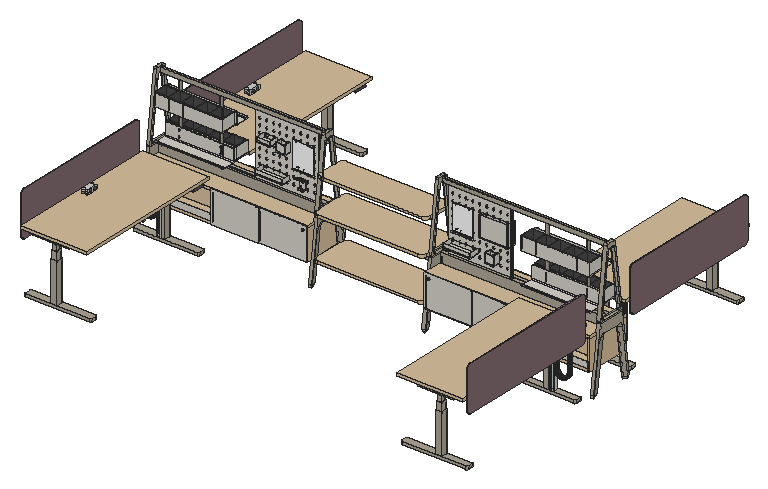
Revit family "Layout-Teknion-Expansion_Cityline_Upper_Structure_01-R2021", category Furniture Systems, Revit 2021 (continued)
Definition of nested family "Support-Teknion-JNXRMH_hiSpace_Quick_Connect_Height_Adjustable_Mechanism_Rectangular-R2021"
  Parameters (values of type "Extended Electric – with Riser, 23" Depth, Standard Width Configuration")
    To render please download texture images found here [instance] = "https://assets.teknion.com/web/5e81352c1dfdb467/revit-material-swatches/"
    Sustainability Data = "https://www.teknion.com/ca/tools/assets#&topic=216f99a5-57a0-44fc-b10a-9dee9b29ae4c&asset=444deb64-fe58-4b68-981e-f75e97781df7,b4ff2d81-9f2e-437d-9659-7cffb09c31cf"
    Standard Width = yes
    Series = "Expansion Cityline"  # constant formula
    Product Page URL = "https://www.teknion.com/ca/products/product-details?productLineId=9ad2a26e-8e7a-673b-a6c8-ff05004460c4"
    Product Line = "Height-Adjustability"  # constant formula
    Product Documentation Link = "https://www.teknion.com/pricing/expansion-cityline/pdfs/JNXRMH_ppg.pdf"
    Powerbar [instance] = yes
    Part Number = "JNXRMH"  # constant formula
    Model = "JNXRMHCC9U23__S"
    Manufacturer Phone = "416-661-3370"  # constant formula
    Manufacturer Fax = "416.661.4586"  # constant formula
    Manufacturer Contact Information = "http://www.teknion.com/ca/contactus"
    Manufacturer Address = "1150 Flint Road, Toronto, ON. M3J 2J5. Canada"  # constant formula
    Manufacturer = "Teknion"  # constant formula
    How To Use Teknion Materials User Guide [instance] = "https://assets.teknion.com/m/205dd0a49fa58060/original/How-to-add-a-Material-Library-and-Texture-Images-to-your-Revit-project.pdf"
    For Additional Finishes please visit [instance] = "https://assets.teknion.com/m/44a8009b046e5d47/original/Teknion_Materials_Library.zip"
    Description = "hiSpace Quick Connect Height-Adjustable Mechanism – Rectangular, Extended Electric – with Rise, 23\" Depth, Standard Width Configuration"
    Depth = 23.000"
    Default Elevation = 0.000"
    Base Mechanism(Height) [instance] = 27.811"
    Base Finish [instance] = none
    Available Width [instance] = "46,49,52,55,58,61,64,67,70 inch"  # constant formula
    Available Base Mechanism(Height) [instance] = "25 -51.1  inches"
    Assembly Code = "E2020200"
  Types (9): name | Width Configuration Length | Width | User Optimized Width | Standard Width | Model | Description | Depth | Available Base Mechanism(Height)
    (no name) | 4.680" | 70.000" | no | yes | "JNXRMHCC9U23__S" | "hiSpace Quick Connect Height-Adjustable Mechanism – Rectangular, Extended Electric – with Rise, 23\" Depth, Standard Width Configuration" | 23.000" | "25 -51.1  inches"
    Extended Electric – Extended, 23" Depth, Standard Width Configuration | 4.680" | 46.000" | no | yes | "JNXRMHCC9E23__S" | "hiSpace Quick Connect Height-Adjustable Mechanism – Rectangular, Extended Electric – Extended, 23\" Depth, Standard Width Configuration" | 23.000" | "22.6 -48.7 inches"
    Extended Electric – Extended, 29" Depth, Standard Width Configuration | 4.680" | 46.000" | no | yes | "JNXRMHCC9E29__S" | "hiSpace Quick Connect Height-Adjustable Mechanism – Rectangular, Extended Electric – Extended, 29\" Depth, Standard Width Configuration" | 29.000" | "22.6 -48.7 inches"
    Extended Electric – with Riser, 23" Depth, Standard Width Configuration | 4.680" | 70.000" | no | yes | "JNXRMHCC9U23__S" | "hiSpace Quick Connect Height-Adjustable Mechanism – Rectangular, Extended Electric – with Rise, 23\" Depth, Standard Width Configuration" | 23.000" | "25 -51.1  inches"
    Extended Electric – with Riser, 29" Depth, Standard Width Configuration | 4.680" | 70.000" | no | yes | "JNXRMHCC9U29__S" | "hiSpace Quick Connect Height-Adjustable Mechanism – Rectangular, Extended Electric – with Rise, 29\" Depth, Standard Width Configuration" | 29.000" | "25 -51.1  inches"
    Extended Electric – Extended, 23" Depth, User Optimized Width Configuration | 1.680" | 70.000" | yes | no | "JNXRMHCC9E23__U" | "hiSpace Quick Connect Height-Adjustable Mechanism – Rectangular, Extended Electric – Extended, 23\" Depth, User Optimized Width Configuration" | 23.000" | "22.6 -48.7 inches"
    Extended Electric – Extended, 29" Depth, User Optimized Width Configuration | 1.680" | 70.000" | yes | no | "JNXRMHCC9E29__U" | "hiSpace Quick Connect Height-Adjustable Mechanism – Rectangular, Extended Electric – Extended, 29\" Depth, User Optimized Width Configuration" | 29.000" | "22.6 -48.7 inches"
    Extended Electric – with Riser, 23" Depth, User Optimized Width Configuration | 1.680" | 70.000" | yes | no | "JNXRMHCC9U23__U" | "hiSpace Quick Connect Height-Adjustable Mechanism – Rectangular, Extended Electric – with Rise, 23\" Depth, User Optimized Width Configuration" | 23.000" | "25 -51.1  inches"
    Extended Electric – with Riser, 29" Depth, User Optimized Width Configuration | 1.680" | 70.000" | yes | no | "JNXRMHCC9U29__U" | "hiSpace Quick Connect Height-Adjustable Mechanism – Rectangular, Extended Electric – with Rise, 29\" Depth, User Optimized Width Configuration" | 29.000" | "25 -51.1  inches"
  Reference planes (in)
    plane 1 "Center Front/Back": y = -0.15748
    plane 2: z = 0
    plane 3 "Center Left/Right": x = 0
    plane 4 "Left": x = -30.32
    plane 5 "Right": x = 30.32
    plane 6 "Back": y = 11.5
    plane 7 "Front": y = -11.81496
    plane 8 "Top": z = 27.811
    plane 9: y = 10.28474
    plane 10: y = -10.28354
    plane 11: x = 35
    plane 12: x = -35
    plane 13: y = -11.5
    plane 14: z = 25.96061
    plane 15: z = 22.37007
    plane 16: z = 18.77953
  Forms (in)
    Sweep 1, solid, material <- "Base Finish"
      path origin (-5.98557, 4.01679, 0.13456) x (1, 0, 0) y (0, 0, 1)
        loop
          line (-22.03054, 1.33001) -> (-22.03054, 0.14103)
      profile origin (-28.0161, 4.01679, 0.87008) x (0, -1, 0) y (1, 0, 0)
        loop
          arc (-7.48321, -0.98425) -> (-7.2964, -1.43524) -> (-6.84541, -1.62205) r 0.6378
          line (-6.84541, -1.62205) -> (14.879, -1.62205)
          arc (14.879, -1.62205) -> (15.32999, -1.43524) -> (15.51679, -0.98425) r 0.6378
          line (15.51679, -0.98425) -> (15.51679, 0.98425)
          arc (15.51679, 0.98425) -> (15.32999, 1.43524) -> (14.879, 1.62205) r 0.6378
          line (14.879, 1.62205) -> (-6.84541, 1.62205)
          arc (-6.84541, 1.62205) -> (-7.2964, 1.43524) -> (-7.48321, 0.98425) r 0.6378
          line (-7.48321, 0.98425) -> (-7.48321, -0.98425)
    Sweep 2, solid, material <- "Base Finish"
      path origin (-6.00525, 1.86031, 0) x (1, 0, 0) y (0, 0, 1)
        loop
          line (-22.03054, 18.77953) -> (-22.03054, 1.46457)
      profile origin (-28.03579, 1.86031, 10.12205) x (0, -1, 0) y (1, 0, 0)
        loop
          arc (1.35827, 1.22047) -> (1.31791, 1.31791) -> (1.22047, 1.35827) r 0.1378
          line (1.22047, 1.35827) -> (-1.22047, 1.35827)
          arc (-1.22047, 1.35827) -> (-1.31791, 1.31791) -> (-1.35827, 1.22047) r 0.1378
          line (-1.35827, 1.22047) -> (-1.35827, -1.22047)
          arc (-1.35827, -1.22047) -> (-1.31791, -1.31791) -> (-1.22047, -1.35827) r 0.1378
          line (-1.22047, -1.35827) -> (1.22047, -1.35827)
          arc (1.22047, -1.35827) -> (1.31791, -1.31791) -> (1.35827, -1.22047) r 0.1378
          line (1.35827, -1.22047) -> (1.35827, 1.22047)
    Sweep 3, solid, material <- "Base Finish"
      path origin (-5.98557, 1.88, 0) x (1, 0, 0) y (0, 0, 1)
        loop
          line (-22.08443, 22.37007) -> (-22.08443, 18.77953)
      profile origin (-28.07, 1.88, 20.5748) x (0, -1, 0) y (1, 0, 0)
        loop
          arc (1.0748, -1.11933) -> (1.1444, -1.0905) -> (1.17323, -1.02091) r 0.09843
          line (1.17323, -1.02091) -> (1.17323, 1.1287)
          arc (1.17323, 1.1287) -> (1.1444, 1.1983) -> (1.0748, 1.22713) r 0.09843
          line (1.0748, 1.22713) -> (-1.07087, 1.22713)
          arc (-1.07087, 1.22713) -> (-1.143, 1.1997) -> (-1.17323, 1.1287) r 0.0985
          line (-1.17323, 1.1287) -> (-1.17323, -1.02091)
          arc (-1.17323, -1.02091) -> (-1.1444, -1.0905) -> (-1.0748, -1.11933) r 0.09843
          line (-1.0748, -1.11933) -> (1.0748, -1.11933)
    Sweep 4, solid, material <- "Base Finish"
      path origin (-5.98557, 1.88, 0) x (1, 0, 0) y (0, 0, 1)
        loop
          line (-22.03054, 25.96061) -> (-22.03054, 22.37007)
      profile origin (-28.0161, 1.88, 24.16534) x (0, -1, 0) y (1, 0, 0)
        loop
          arc (0.98425, 0.88583) -> (0.95542, 0.95542) -> (0.88583, 0.98425) r 0.09843
          line (0.88583, 0.98425) -> (-0.88583, 0.98425)
          arc (-0.88583, 0.98425) -> (-0.95542, 0.95542) -> (-0.98425, 0.88583) r 0.09843
          line (-0.98425, 0.88583) -> (-0.98425, -0.88583)
          arc (-0.98425, -0.88583) -> (-0.95542, -0.95542) -> (-0.88583, -0.98425) r 0.09843
          line (-0.88583, -0.98425) -> (0.88583, -0.98425)
          arc (0.88583, -0.98425) -> (0.95542, -0.95542) -> (0.98425, -0.88583) r 0.09843
          line (0.98425, -0.88583) -> (0.98425, 0.88583)
    Sweep 5, solid, material <- "Base Finish"
      path origin (0, 0, 0) x (1, 0, 0) y (0, 1, 0)
        loop
          line (-30.32, 3.77961) -> (-30.32, -0.01961)
      profile origin (-30.32, 1.88, 0) x (1, 0, 0) y (0, 0, 1)
        loop
          line (0, 27.811) -> (0, 26.11809)
          arc (0, 26.11809) -> (0.04612, 26.00673) -> (0.15748, 25.96061) r 0.15748
          line (0.15748, 25.96061) -> (7.55161, 25.96061)
          arc (7.55161, 25.96061) -> (7.64747, 25.99315) -> (7.70372, 26.07733) r 0.15748
          line (7.70372, 26.07733) -> (8.11024, 27.59446) -> (8.66142, 27.59446) -> (8.66142, 27.811) -> (0, 27.811)
    Revolve 6, solid
      sketch origin (-26.00182, -10.28354, 48) x (-1, 0, 0) y (0, 0, 1)
        loop
          line (2.01429, -47.72441) -> (1.85728, -47.72441) -> (1.85728, -47.7685) -> (1.03003, -47.7685) -> (1.03003, -48) -> (2.01429, -48) -> (2.01429, -47.72441)
        axis (2.01429, -47.72441) -> (2.01429, -48)
      angle from 0 to 360
    Revolve 7, solid
      sketch origin (24.02922, -10.28354, 48) x (-1, 0, 0) y (0, 0, 1)
        loop
          line (-3.98642, -47.72441) -> (-4.14342, -47.72441) -> (-4.14342, -47.7685) -> (-4.97067, -47.7685) -> (-4.97067, -48) -> (-3.98642, -48) -> (-3.98642, -47.72441)
        axis (-3.98642, -47.72441) -> (-3.98642, -48)
      angle from 0 to 360
    Revolve 8, solid
      sketch origin (-26.00182, 10.28474, 48) x (-1, 0, 0) y (0, 0, 1)
        loop
          line (2.01429, -47.72441) -> (1.85728, -47.72441) -> (1.85728, -47.7685) -> (1.03003, -47.7685) -> (1.03003, -48) -> (2.01429, -48) -> (2.01429, -47.72441)
        axis (2.01429, -47.72441) -> (2.01429, -48)
      angle from 0 to 360
    Revolve 9, solid
      sketch origin (24.02943, 10.28474, 48) x (-1, 0, 0) y (0, 0, 1)
        loop
          line (-3.98642, -47.72441) -> (-4.14342, -47.72441) -> (-4.14342, -47.7685) -> (-4.97067, -47.7685) -> (-4.97067, -48) -> (-3.98642, -48) -> (-3.98642, -47.72441)
        axis (-3.98642, -47.72441) -> (-3.98642, -48)
      angle from 0 to 360
    Sweep 10, solid, material <- "Base Finish"
      path origin (-26.00182, 10.28474, 48) x (-1, 0, 0) y (0, 0, 1)
        loop
          line (-26.00182, -20.189) -> (-26.00182, -21.9016)
      profile origin (0, 10.28474, 26.9547) x (0, 1, 0) y (-1, 0, 0)
        loop
          line (-6.48545, 4.6752) -> (-10.32403, 4.6752) -> (-10.32403, -4.6752) -> (-6.48545, -4.6752) -> (-6.48545, 4.6752)
    Sweep 11, solid
      path origin (-26.00182, 10.28474, 48) x (-1, 0, 0) y (0, 0, 1)
        loop
          line (-49.52973, -20.189) -> (-49.52973, -20.26774)
      profile origin (23.52791, 10.28474, 27.77163) x (0, 1, 0) y (-1, 0, 0)
        loop
          line (-19.57804, -4.0315) -> (-19.57804, -0.31496)
          arc (-19.57804, -0.31496) -> (-19.67029, -0.09225) -> (-19.89301, 0) r 0.31496
          line (-19.89301, 0) -> (-20.90088, 0)
          arc (-20.90088, 0) -> (-21.12359, -0.09225) -> (-21.21584, -0.31496) r 0.31496
          line (-21.21584, -0.31496) -> (-21.21584, -4.0315)
          arc (-21.21584, -4.0315) -> (-21.12359, -4.25421) -> (-20.90088, -4.34646) r 0.31496
          line (-20.90088, -4.34646) -> (-19.89301, -4.34646)
          arc (-19.89301, -4.34646) -> (-19.67029, -4.25421) -> (-19.57804, -4.0315) r 0.31496
    Sweep 12, solid
      path origin (-26.00182, 10.28474, 48) x (-1, 0, 0) y (0, 0, 1)
        loop
          line (-51.70296, -20.26774) -> (-51.70296, -20.42522)
      profile origin (25.70114, 10.28474, 27.65352) x (0, 1, 0) y (-1, 0, 0)
        loop
          line (-19.61643, 1.86614) -> (-21.60954, 1.86614) -> (-21.60954, -1.86614) -> (-19.61643, -1.86614) -> (-19.61643, 1.86614)
    Sweep 13, solid
      path origin (0, 0, 0) x (0, 1, 0) y (0, 0, 1)
        loop
          line (-11.24602, 26.78211) -> (-11.71654, 27.05376)
      profile origin (0, -11.48128, 26.91793) x (0, -0.5, -0.866025) y (1, 0, 0)
        loop
          line (-0.78346, 28.06728) -> (-0.78346, 23.335)
          arc (-0.78346, 23.335) -> (-0.72581, 23.19581) -> (-0.58661, 23.13815) r 0.19685
          line (-0.58661, 23.13815) -> (0, 23.13815)
          arc (0, 23.13815) -> (0.13919, 23.19581) -> (0.19685, 23.335) r 0.19685
          line (0.19685, 23.335) -> (0.19685, 28.06728)
          arc (0.19685, 28.06728) -> (0.13919, 28.20648) -> (0, 28.26413) r 0.19685
          line (0, 28.26413) -> (-0.58661, 28.26413)
          arc (-0.58661, 28.26413) -> (-0.72581, 28.20648) -> (-0.78346, 28.06728) r 0.19685
    Sweep 14, solid, material <- "Base Finish"
      path origin (0, 0, 0) x (-1, 0, 0) y (0, 1, 0)
        loop
          line (-30.32, 3.77961) -> (-30.32, -0.01961)
      profile origin (30.32, 1.88, 0) x (1, 0, 0) y (0, 0, 1)
        loop
          line (0, 27.811) -> (-8.66142, 27.811) -> (-8.66142, 27.59446) -> (-8.11024, 27.59446) -> (-7.70372, 26.07733)
          arc (-7.70372, 26.07733) -> (-7.64747, 25.99315) -> (-7.55161, 25.96061) r 0.15748
          line (-7.55161, 25.96061) -> (-0.15748, 25.96061)
          arc (-0.15748, 25.96061) -> (-0.04612, 26.00673) -> (0, 26.11809) r 0.15748
          line (0, 26.11809) -> (0, 27.811)
    Sweep 15, solid, material <- "Base Finish"
      path origin (44.04547, 4.01679, 0.13456) x (1, 0, 0) y (0, 0, 1)
        loop
          line (-16.02983, 1.33001) -> (-16.02983, 0.14103)
      profile origin (28.01564, 4.01679, 0.87008) x (0, -1, 0) y (1, 0, 0)
        loop
          arc (-7.48321, -0.98425) -> (-7.2964, -1.43524) -> (-6.84541, -1.62205) r 0.6378
          line (-6.84541, -1.62205) -> (14.879, -1.62205)
          arc (14.879, -1.62205) -> (15.32999, -1.43524) -> (15.51679, -0.98425) r 0.6378
          line (15.51679, -0.98425) -> (15.51679, 0.98425)
          arc (15.51679, 0.98425) -> (15.32999, 1.43524) -> (14.879, 1.62205) r 0.6378
          line (14.879, 1.62205) -> (-6.84541, 1.62205)
          arc (-6.84541, 1.62205) -> (-7.2964, 1.43524) -> (-7.48321, 0.98425) r 0.6378
          line (-7.48321, 0.98425) -> (-7.48321, -0.98425)
    Sweep 16, solid, material <- "Base Finish"
      path origin (44.02578, 1.86031, 0) x (1, 0, 0) y (0, 0, 1)
        loop
          line (-16.02983, 18.77953) -> (-16.02983, 1.46457)
      profile origin (27.99596, 1.86031, 10.12205) x (0, -1, 0) y (1, 0, 0)
        loop
          arc (1.35827, 1.22047) -> (1.31791, 1.31791) -> (1.22047, 1.35827) r 0.1378
          line (1.22047, 1.35827) -> (-1.22047, 1.35827)
          arc (-1.22047, 1.35827) -> (-1.31791, 1.31791) -> (-1.35827, 1.22047) r 0.1378
          line (-1.35827, 1.22047) -> (-1.35827, -1.22047)
          arc (-1.35827, -1.22047) -> (-1.31791, -1.31791) -> (-1.22047, -1.35827) r 0.1378
          line (-1.22047, -1.35827) -> (1.22047, -1.35827)
          arc (1.22047, -1.35827) -> (1.31791, -1.31791) -> (1.35827, -1.22047) r 0.1378
          line (1.35827, -1.22047) -> (1.35827, 1.22047)
    Sweep 17, solid, material <- "Base Finish"
      path origin (44.04547, 1.88, 0) x (1, 0, 0) y (0, 0, 1)
        loop
          line (-15.97547, 22.37007) -> (-15.97547, 18.77953)
      profile origin (28.07, 1.88, 20.5748) x (0, -1, 0) y (1, 0, 0)
        loop
          arc (1.0748, -1.22759) -> (1.1444, -1.19876) -> (1.17323, -1.12916) r 0.09843
          line (1.17323, -1.12916) -> (1.17323, 1.02044)
          arc (1.17323, 1.02044) -> (1.1444, 1.09004) -> (1.0748, 1.11887) r 0.09843
          line (1.0748, 1.11887) -> (-1.07087, 1.11887)
          arc (-1.07087, 1.11887) -> (-1.143, 1.09145) -> (-1.17323, 1.02044) r 0.0985
          line (-1.17323, 1.02044) -> (-1.17323, -1.12916)
          arc (-1.17323, -1.12916) -> (-1.1444, -1.19876) -> (-1.0748, -1.22759) r 0.09843
          line (-1.0748, -1.22759) -> (1.0748, -1.22759)
    Sweep 18, solid, material <- "Base Finish"
      path origin (44.04547, 1.88, 0) x (1, 0, 0) y (0, 0, 1)
        loop
          line (-16.02983, 25.96061) -> (-16.02983, 22.37007)
      profile origin (28.01564, 1.88, 24.16534) x (0, -1, 0) y (1, 0, 0)
        loop
          arc (0.98425, 0.88583) -> (0.95542, 0.95542) -> (0.88583, 0.98425) r 0.09843
          line (0.88583, 0.98425) -> (-0.88583, 0.98425)
          arc (-0.88583, 0.98425) -> (-0.95542, 0.95542) -> (-0.98425, 0.88583) r 0.09843
          line (-0.98425, 0.88583) -> (-0.98425, -0.88583)
          arc (-0.98425, -0.88583) -> (-0.95542, -0.95542) -> (-0.88583, -0.98425) r 0.09843
          line (-0.88583, -0.98425) -> (0.88583, -0.98425)
          arc (0.88583, -0.98425) -> (0.95542, -0.95542) -> (0.98425, -0.88583) r 0.09843
          line (0.98425, -0.88583) -> (0.98425, 0.88583)
    Sweep 19, solid, visible <- "Powerbar"
      path origin (0, 0, 0) x (1, 0, 0) y (0, 1, 0)
        loop
          line (-4.87008, 5.9922) -> (4.87008, 5.9922)
      profile origin (0, 5.9922, 0) x (0, 1, 0) y (0, 0, 1)
        loop
          arc (-0.00358, 27.66336) -> (-0.05673, 27.64135) -> (-0.07874, 27.5882) r 0.07516
          line (-0.07874, 27.5882) -> (-0.07874, 26.26198)
          arc (-0.07874, 26.26198) -> (-0.05677, 26.20895) -> (-0.00374, 26.18698) r 0.075
          line (-0.00374, 26.18698) -> (0.98799, 26.18698)
          arc (0.98799, 26.18698) -> (1.04103, 26.20895) -> (1.06299, 26.26198) r 0.075
          line (1.06299, 26.26198) -> (1.06299, 27.58836)
          arc (1.06299, 27.58836) -> (1.04103, 27.6414) -> (0.98799, 27.66336) r 0.075
          line (0.98799, 27.66336) -> (-0.00358, 27.66336)
    Sweep 20, solid, visible <- "Powerbar"
      path origin (0, 0, 0) x (1, 0, 0) y (0, 1, 0)
        loop
          line (-5.98622, 7.11425) -> (5.98622, 7.11425)
      profile origin (0, 7.11425, 0) x (0, 1, 0) y (0, 0, 1)
        loop
          line (-0.05906, 27.75194) -> (-0.05906, 26.18502) -> (0, 26.18502) -> (0, 27.72045)
          arc (0, 27.72045) -> (-0.02652, 27.78448) -> (-0.09055, 27.811) r 0.09055
          line (-0.09055, 27.811) -> (-1.25984, 27.811) -> (-1.25984, 27.75194) -> (-0.05906, 27.75194)
    Sweep 21, solid, visible <- "Powerbar"
      path origin (0, 0, 0) x (1, 0, 0) y (0, 1, 0)
        loop
          line (0, 7.24417) -> (0, 7.11425)
      profile origin (0, 7.17921, 0) x (1, 0, 0) y (0, 0, 1)
        loop
          arc (-1.19215, 27.45017) -> (-1.22011, 27.43859) -> (-1.23169, 27.41063) r 0.03954
          line (-1.23169, 27.41063) -> (-1.23169, 26.44017)
          arc (-1.23169, 26.44017) -> (-1.21998, 26.41189) -> (-1.19169, 26.40017) r 0.04
          line (-1.19169, 26.40017) -> (-0.22169, 26.40017)
          arc (-0.22169, 26.40017) -> (-0.19341, 26.41189) -> (-0.18169, 26.44017) r 0.04
          line (-0.18169, 26.44017) -> (-0.18169, 27.41017)
          arc (-0.18169, 27.41017) -> (-0.19341, 27.43846) -> (-0.22169, 27.45017) r 0.04
          line (-0.22169, 27.45017) -> (-1.19215, 27.45017)
        loop
          arc (0.06815, 27.45017) -> (0.03987, 27.43846) -> (0.02815, 27.41017) r 0.04
          line (0.02815, 27.41017) -> (0.02815, 26.44017)
          arc (0.02815, 26.44017) -> (0.03987, 26.41189) -> (0.06815, 26.40017) r 0.04
          line (0.06815, 26.40017) -> (1.03815, 26.40017)
          arc (1.03815, 26.40017) -> (1.06643, 26.41189) -> (1.07815, 26.44017) r 0.04
          line (1.07815, 26.44017) -> (1.07815, 27.41017)
          arc (1.07815, 27.41017) -> (1.06643, 27.43846) -> (1.03815, 27.45017) r 0.04
          line (1.03815, 27.45017) -> (0.06815, 27.45017)
        loop
          arc (1.28799, 26.44017) -> (1.29971, 26.41189) -> (1.32799, 26.40017) r 0.04
          line (1.32799, 26.40017) -> (2.29799, 26.40017)
          arc (2.29799, 26.40017) -> (2.32628, 26.41189) -> (2.33799, 26.44017) r 0.04
          line (2.33799, 26.44017) -> (2.33799, 27.41017)
          arc (2.33799, 27.41017) -> (2.32628, 27.43846) -> (2.29799, 27.45017) r 0.04
          line (2.29799, 27.45017) -> (1.32799, 27.45017)
          arc (1.32799, 27.45017) -> (1.29971, 27.43846) -> (1.28799, 27.41017) r 0.04
          line (1.28799, 27.41017) -> (1.28799, 26.44017)
        loop
          arc (2.54783, 26.44017) -> (2.55955, 26.41189) -> (2.58783, 26.40017) r 0.04
          line (2.58783, 26.40017) -> (3.55783, 26.40017)
          arc (3.55783, 26.40017) -> (3.58612, 26.41189) -> (3.59783, 26.44017) r 0.04
          line (3.59783, 26.44017) -> (3.59783, 27.41017)
          arc (3.59783, 27.41017) -> (3.58612, 27.43846) -> (3.55783, 27.45017) r 0.04
          line (3.55783, 27.45017) -> (2.58783, 27.45017)
          arc (2.58783, 27.45017) -> (2.55955, 27.43846) -> (2.54783, 27.41017) r 0.04
          line (2.54783, 27.41017) -> (2.54783, 26.44017)
        loop
          line (-1.05846, 27.02872) -> (-1.05846, 26.82163) -> (-0.95492, 26.82163)
          arc (-0.95492, 26.82163) -> (-0.85138, 26.92517) -> (-0.95492, 27.02872) r 0.10354
          line (-0.95492, 27.02872) -> (-1.05846, 27.02872)
        loop
          line (-0.57776, 27.20057) -> (-0.57776, 27.12852) -> (-0.30768, 27.12852) -> (-0.30768, 27.20057) -> (-0.57776, 27.20057)
        loop
          line (-0.61713, 26.72143) -> (-0.61713, 26.64939) -> (-0.26831, 26.64939) -> (-0.26831, 26.72143) -> (-0.61713, 26.72143)
        loop
          line (0.30492, 27.02872) -> (0.20138, 27.02872) -> (0.20138, 26.82163) -> (0.30492, 26.82163)
          arc (0.30492, 26.82163) -> (0.40846, 26.92517) -> (0.30492, 27.02872) r 0.10354
        loop
          line (0.68209, 27.20057) -> (0.68209, 27.12852) -> (0.95217, 27.12852) -> (0.95217, 27.20057) -> (0.68209, 27.20057)
        loop
          line (0.99154, 26.72143) -> (0.64272, 26.72143) -> (0.64272, 26.64939) -> (0.99154, 26.64939) -> (0.99154, 26.72143)
        loop
          line (1.46122, 27.02872) -> (1.46122, 26.82163) -> (1.56476, 26.82163)
          arc (1.56476, 26.82163) -> (1.66831, 26.92517) -> (1.56476, 27.02872) r 0.10354
          line (1.56476, 27.02872) -> (1.46122, 27.02872)
        loop
          line (1.94193, 27.12852) -> (2.21201, 27.12852) -> (2.21201, 27.20057) -> (1.94193, 27.20057) -> (1.94193, 27.12852)
        loop
          line (2.25138, 26.72143) -> (1.90256, 26.72143) -> (1.90256, 26.64939) -> (2.25138, 26.64939) -> (2.25138, 26.72143)
        loop
          line (2.72106, 27.02872) -> (2.72106, 26.82163) -> (2.82461, 26.82163)
          arc (2.82461, 26.82163) -> (2.92815, 26.92517) -> (2.82461, 27.02872) r 0.10354
          line (2.82461, 27.02872) -> (2.72106, 27.02872)
        loop
          line (3.20177, 27.20057) -> (3.20177, 27.12852) -> (3.47185, 27.12852) -> (3.47185, 27.20057) -> (3.20177, 27.20057)
        loop
          line (3.51122, 26.72143) -> (3.1624, 26.72143) -> (3.1624, 26.64939) -> (3.51122, 26.64939) -> (3.51122, 26.72143)
  Lines and regions (in)
    Masking region 1
      outline origin (0, 0, 0) x (1, 0, 0) y (0, 1, 0)
        loop
          line (-29.63815, 10.8622) -> (-29.63815, 3.77961) -> (-30.32, 3.77961) -> (-30.32, -0.01961) -> (-29.63815, -0.01961) -> (-29.63815, -10.8622)
          arc (-29.63815, -10.8622) -> (-29.45134, -11.31319) -> (-29.00035, -11.5) r 0.6378
          line (-29.00035, -11.5) -> (-27.03185, -11.5)
          arc (-27.03185, -11.5) -> (-26.58086, -11.31319) -> (-26.39406, -10.8622) r 0.6378
          line (-26.39406, -10.8622) -> (-26.39406, -0.01961) -> (-21.65858, -0.01961) -> (-21.65858, 3.77961) -> (-26.39406, 3.77961) -> (-26.39406, 10.8622)
          arc (-26.39406, 10.8622) -> (-26.58086, 11.31319) -> (-27.03185, 11.5) r 0.6378
          line (-27.03185, 11.5) -> (-29.00035, 11.5)
          arc (-29.00035, 11.5) -> (-29.45134, 11.31319) -> (-29.63815, 10.8622) r 0.6378
        loop
          line (-4.6752, 3.79929) -> (-4.6752, -0.03929) -> (4.6752, -0.03929) -> (4.6752, 3.79929) -> (-4.6752, 3.79929)
        loop
          line (21.65858, 3.77961) -> (21.65858, -0.01961) -> (26.39359, -0.01961) -> (26.39359, -9.29331) -> (23.84287, -9.29331)
          arc (23.84287, -9.29331) -> (23.62016, -9.38556) -> (23.52791, -9.60827) r 0.31496
          line (23.52791, -9.60827) -> (23.52791, -10.61614)
          arc (23.52791, -10.61614) -> (23.55641, -10.74706) -> (23.63675, -10.85429) r 0.31496
          line (23.63675, -10.85429) -> (23.335, -10.85429)
          spline (23.335, -10.85429) -> (23.30931, -10.85513) -> (23.28405, -10.85764) -> (23.25967, -10.86178) -> (23.23657, -10.86747) -> (23.21517, -10.87462) -> (23.19581, -10.88311) -> (23.17883, -10.89279) -> (23.16452, -10.9035) -> (23.15313, -10.91504) -> (23.14486, -10.92724) -> (23.13983, -10.93986) -> (23.13815, -10.95271)
          line (23.13815, -10.95271) -> (23.13815, -11.71654)
          spline (23.13815, -11.71654) -> (23.13983, -11.72938) -> (23.14486, -11.74201) -> (23.15313, -11.7542) -> (23.16452, -11.76575) -> (23.17883, -11.77645) -> (23.19581, -11.78613) -> (23.21517, -11.79462) -> (23.23657, -11.80177) -> (23.25967, -11.80747) -> (23.28405, -11.81161) -> (23.30931, -11.81412) -> (23.335, -11.81496)
          line (23.335, -11.81496) -> (28.06728, -11.81496)
          spline (28.06728, -11.81496) -> (28.09298, -11.81412) -> (28.11823, -11.81161) -> (28.14261, -11.80747) -> (28.16571, -11.80177) -> (28.18712, -11.79462) -> (28.20648, -11.78613) -> (28.22346, -11.77645) -> (28.23776, -11.76575) -> (28.24915, -11.7542) -> (28.25743, -11.74201) -> (28.26245, -11.72938) -> (28.26413, -11.71654)
          line (28.26413, -11.71654) -> (28.26413, -11.5) -> (28.99989, -11.5)
          arc (28.99989, -11.5) -> (29.45088, -11.31319) -> (29.63769, -10.8622) r 0.6378
          line (29.63769, -10.8622) -> (29.63769, -0.01961) -> (30.32, -0.01961) -> (30.32, 3.77961) -> (29.63769, 3.77961) -> (29.63769, 10.8622)
          arc (29.63769, 10.8622) -> (29.45088, 11.31319) -> (28.99989, 11.5) r 0.6378
          line (28.99989, 11.5) -> (27.03139, 11.5)
          arc (27.03139, 11.5) -> (26.5804, 11.31319) -> (26.39359, 10.8622) r 0.6378
          line (26.39359, 10.8622) -> (26.39359, 3.77961) -> (21.65858, 3.77961)
    Masking region 2, visible <- "Powerbar"
      outline origin (0, 0, 0) x (1, 0, 0) y (0, 1, 0)
        loop
          line (-5.98622, 5.85441) -> (5.98622, 5.85441) -> (5.98622, 7.11425) -> (3.59783, 7.11425) -> (3.59783, 7.24417) -> (2.54783, 7.24417) -> (2.54783, 7.11425) -> (2.33799, 7.11425) -> (2.33799, 7.24417) -> (1.28799, 7.24417) -> (1.28799, 7.11425) -> (1.07815, 7.11425) -> (1.07815, 7.24417) -> (0.02815, 7.24417) -> (0.02815, 7.11425) -> (-0.18169, 7.11425) -> (-0.18169, 7.24417) -> (-1.23169, 7.24417) -> (-1.23169, 7.11425) -> (-5.98622, 7.11425) -> (-5.98622, 5.85441)
    symbolic lines
      curve 1: line (-30.32, 3.77961, 0) -> (-21.65858, 3.77961, 0)
      curve 2: line (-30.32, -0.01961, 0) -> (-21.65858, -0.01961, 0)
      curve 3: line (21.65858, -0.01961, 0) -> (30.32, -0.01961, 0)
      curve 4: line (21.65858, 3.77961, 0) -> (30.32, 3.77961, 0)
      curve 5: line (23.84287, -10.9311, 0) -> (27.55941, -10.9311, 0)
      curve 6: line (27.87437, -10.61614, 0) -> (27.87437, -9.60827, 0)
      curve 7: line (27.55941, -9.29331, 0) -> (23.84287, -9.29331, 0)
      curve 8: arc (27.87437, -9.60827, 0) -> (27.78212, -9.38556, 0) -> (27.55941, -9.29331, 0) r 0.31496
      curve 9: arc (27.55941, -10.9311, 0) -> (27.78212, -10.83885, 0) -> (27.87437, -10.61614, 0) r 0.31496
      curve 10: arc (23.52791, -10.61614, 0) -> (23.62016, -10.83885, 0) -> (23.84287, -10.9311, 0) r 0.31496
      curve 11: line (28.06728, -11.3248, 0) -> (23.335, -11.3248, 0)
      curve 12: spline (28.26413, -11.42323, 0) -> (28.26245, -11.41038, 0) -> (28.25743, -11.39775, 0) -> (28.24915, -11.38556, 0) -> (28.23776, -11.37402, 0) -> (28.22346, -11.36331, 0) -> (28.20648, -11.35363, 0) -> (28.18712, -11.34514, 0) -> (28.16571, -11.33799, 0) -> (28.14261, -11.3323, 0) -> (28.11823, -11.32816, 0) -> (28.09298, -11.32565, 0) -> (28.06728, -11.3248, 0)
      curve 13: spline (23.335, -11.3248, 0) -> (23.30931, -11.32565, 0) -> (23.28405, -11.32816, 0) -> (23.25967, -11.3323, 0) -> (23.23657, -11.33799, 0) -> (23.21517, -11.34514, 0) -> (23.19581, -11.35363, 0) -> (23.17883, -11.36331, 0) -> (23.16452, -11.37402, 0) -> (23.15313, -11.38556, 0) -> (23.14486, -11.39775, 0) -> (23.13983, -11.41038, 0) -> (23.13815, -11.42323, 0)
      curve 14: line (28.26413, -11.71654, 0) -> (28.26413, -10.95271, 0)
      curve 15: spline (28.06728, -10.85429, 0) -> (28.09298, -10.85513, 0) -> (28.11823, -10.85764, 0) -> (28.14261, -10.86178, 0) -> (28.16571, -10.86747, 0) -> (28.18712, -10.87462, 0) -> (28.20648, -10.88311, 0) -> (28.22346, -10.89279, 0) -> (28.23776, -10.9035, 0) -> (28.24915, -10.91504, 0) -> (28.25743, -10.92724, 0) -> (28.26245, -10.93986, 0) -> (28.26413, -10.95271, 0)
      curve 16: line (28.06728, -10.85429, 0) -> (27.76554, -10.85429, 0)
    symbolic lines, visible <- "Powerbar"
      curve 17: line (-1.23169, 7.11425, 0) -> (3.59783, 7.11425, 0)
    symbolic lines, detail levels medium+fine
      curve 18: line (-22.20976, -0.01961, 0) -> (-22.20976, 3.77961, 0)
      curve 19: line (-29.63815, 10.8622, 0) -> (-29.63815, -10.8622, 0)
      curve 20: line (-26.39406, -10.8622, 0) -> (-26.39406, 10.8622, 0)
      curve 21: line (-26.81531, 3.21858, 0) -> (-29.25626, 3.21858, 0)
      curve 22: line (-26.9413, 3.05323, 0) -> (-29.09091, 3.05323, 0)
      curve 23: line (-27.13028, 2.86425, 0) -> (-28.90193, 2.86425, 0)
      curve 24: line (-29.39406, 3.08079, 0) -> (-29.39406, 0.63984, 0)
      curve 25: line (-29.18933, 2.9548, 0) -> (-29.18933, 0.8052, 0)
      curve 26: line (-29.00035, 2.76583, 0) -> (-29.00035, 0.99417, 0)
      curve 27: line (-28.90193, 0.89575, 0) -> (-27.13028, 0.89575, 0)
      curve 28: line (-29.09091, 0.70677, 0) -> (-27.03795, 0.70677, 0)
      curve 29: line (-29.25626, 0.50205, 0) -> (-26.81531, 0.50205, 0)
      curve 30: line (-27.03185, 0.99417, 0) -> (-27.03185, 2.76583, 0)
      curve 31: line (-26.84287, 0.90185, 0) -> (-26.84287, 2.95087, 0)
      curve 32: line (-26.67752, 0.63984, 0) -> (-26.67752, 3.08079, 0)
      curve 33: arc (-29.25626, 3.21858, 0) -> (-29.3537, 3.17822, 0) -> (-29.39406, 3.08079, 0) r 0.1378
      curve 34: arc (-29.09091, 3.05323, 0) -> (-29.1605, 3.0244, 0) -> (-29.18933, 2.9548, 0) r 0.09843
      curve 35: arc (-28.90193, 2.86425, 0) -> (-28.97153, 2.83542, 0) -> (-29.00035, 2.76583, 0) r 0.09843
      curve 36: arc (-27.03185, 2.76583, 0) -> (-27.06068, 2.83542, 0) -> (-27.13028, 2.86425, 0) r 0.09843
      curve 37: arc (-26.84287, 2.95087, 0) -> (-26.8703, 3.023, 0) -> (-26.9413, 3.05323, 0) r 0.0985
      curve 38: arc (-26.67752, 3.08079, 0) -> (-26.71788, 3.17822, 0) -> (-26.81531, 3.21858, 0) r 0.1378
      curve 39: arc (-29.00035, 0.99417, 0) -> (-28.97153, 0.92458, 0) -> (-28.90193, 0.89575, 0) r 0.09843
      curve 40: arc (-29.18933, 0.8052, 0) -> (-29.1605, 0.7356, 0) -> (-29.09091, 0.70677, 0) r 0.09843
      curve 41: arc (-29.39406, 0.63984, 0) -> (-29.3537, 0.54241, 0) -> (-29.25626, 0.50205, 0) r 0.1378
      curve 42: arc (-27.13028, 0.89575, 0) -> (-27.06068, 0.92458, 0) -> (-27.03185, 0.99417, 0) r 0.09843
      curve 43: arc (-27.03795, 0.70677, 0) -> (-26.90001, 0.76391, 0) -> (-26.84287, 0.90185, 0) r 0.19508
      curve 44: arc (-26.81531, 0.50205, 0) -> (-26.71788, 0.54241, 0) -> (-26.67752, 0.63984, 0) r 0.1378
      curve 49: line (22.20976, 3.77961, 0) -> (22.20976, -0.01961, 0)
      curve 50: line (29.21643, 3.21858, 0) -> (26.77548, 3.21858, 0)
      curve 51: line (29.09044, 3.05323, 0) -> (26.94084, 3.05323, 0)
      curve 52: line (28.90147, 2.86425, 0) -> (27.12981, 2.86425, 0)
      curve 53: arc (26.77548, 3.21858, 0) -> (26.67805, 3.17822, 0) -> (26.63769, 3.08079, 0) r 0.1378
      curve 54: arc (26.94084, 3.05323, 0) -> (26.87124, 3.0244, 0) -> (26.84241, 2.9548, 0) r 0.09843
      curve 55: arc (27.12981, 2.86425, 0) -> (27.06022, 2.83542, 0) -> (27.03139, 2.76583, 0) r 0.09843
      curve 56: arc (28.99989, 2.76583, 0) -> (28.97107, 2.83542, 0) -> (28.90147, 2.86425, 0) r 0.09843
      curve 57: arc (29.18887, 2.95087, 0) -> (29.16145, 3.023, 0) -> (29.09044, 3.05323, 0) r 0.0985
      curve 58: arc (29.35422, 3.08079, 0) -> (29.31386, 3.17822, 0) -> (29.21643, 3.21858, 0) r 0.1378
      curve 59: line (27.03139, 2.76583, 0) -> (27.03139, 0.99417, 0)
      curve 60: line (26.84241, 2.9548, 0) -> (26.84241, 0.8052, 0)
      curve 61: line (26.63769, 3.08079, 0) -> (26.63769, 0.63984, 0)
      curve 62: line (27.12981, 0.89575, 0) -> (28.90147, 0.89575, 0)
      curve 63: line (26.94084, 0.70677, 0) -> (29.09044, 0.70677, 0)
      curve 64: line (26.77548, 0.50205, 0) -> (29.21643, 0.50205, 0)
      curve 65: line (28.99989, 0.99417, 0) -> (28.99989, 2.76583, 0)
      curve 66: line (29.18887, 0.8052, 0) -> (29.18887, 2.95087, 0)
      curve 67: line (29.35422, 0.63984, 0) -> (29.35422, 3.08079, 0)
      curve 68: arc (28.90147, 0.89575, 0) -> (28.97107, 0.92458, 0) -> (28.99989, 0.99417, 0) r 0.09843
      curve 69: arc (29.09044, 0.70677, 0) -> (29.16004, 0.7356, 0) -> (29.18887, 0.8052, 0) r 0.09843
      curve 70: arc (29.21643, 0.50205, 0) -> (29.31386, 0.54241, 0) -> (29.35422, 0.63984, 0) r 0.1378
      curve 71: arc (27.03139, 0.99417, 0) -> (27.06022, 0.92458, 0) -> (27.12981, 0.89575, 0) r 0.09843
      curve 72: arc (26.84241, 0.8052, 0) -> (26.87124, 0.7356, 0) -> (26.94084, 0.70677, 0) r 0.09843
      curve 73: arc (26.63769, 0.63984, 0) -> (26.67805, 0.54241, 0) -> (26.77548, 0.50205, 0) r 0.1378
      curve 74: line (23.335, -10.85429, 0) -> (28.06728, -10.85429, 0)
    symbolic lines, visible <- "Powerbar", detail levels medium+fine
      curve 45: line (-5.98622, 7.0552, 0) -> (5.98622, 7.0552, 0)
      curve 46: line (-4.87008, 5.91346, 0) -> (-4.87008, 7.0552, 0)
      curve 47: line (4.87008, 5.91346, 0) -> (4.87008, 7.0552, 0)
      curve 48: line (-4.87008, 5.91346, 0) -> (4.87008, 5.91346, 0)
    symbolic lines, detail levels fine
      curve 75: arc (28.17264, -10.28354, 0) -> (28.01564, -10.12653, 0) -> (27.85864, -10.28354, 0) r 0.157
      curve 76: arc (27.85864, -10.28354, 0) -> (28.01564, -10.44054, 0) -> (28.17264, -10.28354, 0) r 0.157
      curve 77: arc (28.99989, -10.28354, 0) -> (28.01564, -9.29928, 0) -> (27.03139, -10.28354, 0) r 0.98425
      curve 78: arc (27.03139, -10.28354, 0) -> (28.01564, -11.26779, 0) -> (28.99989, -10.28354, 0) r 0.98425
      curve 79: arc (27.0316, 10.28474, 0) -> (28.01586, 11.26899, 0) -> (29.00011, 10.28474, 0) r 0.98425
      curve 80: arc (29.00011, 10.28474, 0) -> (28.01586, 9.30049, 0) -> (27.0316, 10.28474, 0) r 0.98425
      curve 81: arc (27.85885, 10.28474, 0) -> (28.01586, 10.44174, 0) -> (28.17286, 10.28474, 0) r 0.157
      curve 82: arc (28.17286, 10.28474, 0) -> (28.01586, 10.12774, 0) -> (27.85885, 10.28474, 0) r 0.157
      curve 83: arc (-29.00035, 10.28474, 0) -> (-28.0161, 11.26899, 0) -> (-27.03185, 10.28474, 0) r 0.98425
      curve 84: arc (-28.1731, 10.28474, 0) -> (-28.0161, 10.44174, 0) -> (-27.8591, 10.28474, 0) r 0.157
      curve 85: arc (-27.8591, 10.28474, 0) -> (-28.0161, 10.12774, 0) -> (-28.1731, 10.28474, 0) r 0.157
      curve 86: arc (-27.03185, 10.28474, 0) -> (-28.0161, 9.30049, 0) -> (-29.00035, 10.28474, 0) r 0.98425
      curve 87: arc (-27.03185, -10.28354, 0) -> (-28.0161, -9.29928, 0) -> (-29.00035, -10.28354, 0) r 0.98425
      curve 88: arc (-27.8591, -10.28354, 0) -> (-28.0161, -10.12653, 0) -> (-28.1731, -10.28354, 0) r 0.157
      curve 89: arc (-28.1731, -10.28354, 0) -> (-28.0161, -10.44054, 0) -> (-27.8591, -10.28354, 0) r 0.157
      curve 90: arc (-29.00035, -10.28354, 0) -> (-28.0161, -11.26779, 0) -> (-27.03185, -10.28354, 0) r 0.98425
    reference lines
      curve 91: line (-30.32, 11.5, 0) -> (30.32, 11.5, 0)
      curve 92: line (-30.32, -11.5, 0) -> (-30.32, 11.5, 0)
      curve 93: line (30.32, -11.5, 0) -> (-30.32, -11.5, 0)
      curve 94: line (30.32, 11.5, 0) -> (30.32, -11.5, 0)
  Dimensions and locks (in)
    plane 4 "Left" to plane 5 "Right" = 60.640"
    plane 6 "Back" to plane 7 "Front" = 23.31496"
    "Base Mechanism(Height)": plane 8 "Top" to level
    equal spacing: plane 6 "Back", plane 1 "Center Front/Back", plane 7 "Front"
    equal spacing: plane 4 "Left", plane 3 "Center Left/Right", plane 5 "Right"
    locked: Sweep 1 sketch curve to Sweep 1 sketch curve at 1.18898
    locked: Sweep 1 sketch curve to Sweep 1 sketch curve at 3.24409
    locked: plane 4 "Left" to Sweep 1 sketch curve at 0.68185
    locked: Sweep 1 sketch curve to plane 2 at 0.27559
    locked: Sweep 2 sketch curve to Sweep 2 sketch curve at 2.71654
    locked: Sweep 3 sketch curve to Sweep 3 sketch curve at 2.34646
    locked: Sweep 4 sketch curve to Sweep 4 sketch curve at 1.9685
    Sweep 2 sketch curve to Sweep 2 sketch curve = 2.71654"
    Sweep 3 sketch curve to Sweep 3 sketch curve = 2.34646"
    Sweep 4 sketch curve to Sweep 4 sketch curve = 1.9685"
    locked: Sweep 2 sketch curve to Sweep 2 sketch curve at 17.31496
    locked: Sweep 2 sketch curve to plane 4 "Left" at 2.28421
    locked: Sweep 1 to Sweep 2 sketch curve at 0.24409
    locked: Sweep 1 to Sweep 3 sketch curve at 0.44882
    locked: Sweep 4 sketch curve to plane 4 "Left" at 2.3039
    locked: Sweep 1 to Sweep 4 sketch curve at 0.6378
    locked: Sweep 5 sketch curve to Sweep 5 sketch curve at 3.79921
    locked: plane 1 "Center Front/Back" to Sweep 5 sketch curve at 0.13787
    Sweep 5 sketch curve to Sweep 5 sketch curve to Sweep 5 sketch curve = 0.21654" locked, 1.63386" locked
    Sweep 5 sketch curve to Sweep 5 sketch curve to Sweep 5 sketch curve to Sweep 5 sketch curve = 0.55118" locked, 0.40652" locked, 7.70372" locked
    locked: Revolve 6 sketch curve to plane 4 "Left" at 2.3039
    locked: Revolve 6 sketch curve to Revolve 6 sketch curve at 0.2315
    Revolve 6 sketch curve to Revolve 6 sketch curve to Revolve 6 sketch curve = 0.157" locked, 0.82725" locked
    locked: Revolve 7 sketch curve to Revolve 7 sketch curve at 0.2315
    Revolve 7 sketch curve to Revolve 7 sketch curve to Revolve 7 sketch curve = 0.157" locked, 0.82725" locked
    locked: Revolve 7 sketch curve to plane 5 "Right" at 2.30436
    Revolve 8 sketch curve to Revolve 8 sketch curve to Revolve 8 sketch curve = 0.157" locked, 0.82725" locked
    locked: Revolve 8 sketch curve to Revolve 8 sketch curve at 0.2315
    locked: Revolve 8 sketch curve to plane 4 "Left" at 2.3039
    Revolve 9 sketch curve to Revolve 9 sketch curve to Revolve 9 sketch curve = 0.157" locked, 0.82725" locked
    locked: Revolve 9 sketch curve to Revolve 9 sketch curve at 0.2315
    locked: Revolve 9 sketch curve to plane 5 "Right" at 2.30414
    locked: Sweep 10 sketch curve to Sweep 10 sketch curve at 1.7126
    equal spacing: Sweep 10 sketch curve, plane 3 "Center Left/Right", Sweep 10 sketch curve, locked at 4.6752 each
    plane 1 "Center Front/Back" to Sweep 10 sketch curve to Sweep 10 sketch curve = 0.11819" locked, 3.83858" locked
    locked: Sweep 11 sketch curve to Sweep 11 sketch curve at 0.07874
    locked: Sweep 11 sketch curve to plane 5 "Right" at 6.79209
    plane 7 "Front" to Sweep 11 sketch curve to Sweep 11 sketch curve = 0.88386" locked, 1.6378" locked
    Sweep 11 sketch curve to Sweep 11 sketch curve to plane 5 "Right" = 4.34646" locked, 2.44563" locked
    locked: Sweep 12 sketch curve to Sweep 12 sketch curve at 0.15748
    locked: Sweep 12 sketch curve to plane 5 "Right" at 4.61886
    Sweep 12 sketch curve to plane 10 to Sweep 12 sketch curve = 1.04127" locked, 0.95184" locked
    Sweep 12 sketch curve to Sweep 12 sketch curve to plane 5 "Right" = 3.73228" locked, 2.75272" locked
    plane 7 "Front" to Sweep 13 sketch curve to Sweep 13 sketch curve = 0.09843" locked, 0.47052" locked
    plane 8 "Top" to Sweep 13 sketch curve to Sweep 13 sketch curve = 0.75724" locked, 0.27165" locked
    locked: Sweep 14 sketch curve to Sweep 14 sketch curve at 3.79921
    Sweep 14 sketch curve to Sweep 14 sketch curve to Sweep 14 sketch curve = 0.21654" locked, 1.63386" locked
    Sweep 14 sketch curve to Sweep 14 sketch curve to Sweep 14 sketch curve to Sweep 14 sketch curve = 7.70372" locked, 0.40652" locked, 0.55118" locked
    locked: plane 1 "Center Front/Back" to Sweep 14 sketch curve at 0.13787
    locked: Sweep 15 sketch curve to Sweep 15 sketch curve at 1.18898
    locked: Sweep 15 sketch curve to Sweep 15 sketch curve at 3.24409
    locked: Sweep 15 sketch curve to plane 5 "Right" at 2.30436
    locked: Sweep 15 sketch curve to plane 5 "Right" at 0.68231
    locked: Sweep 16 sketch curve to Sweep 16 sketch curve at 2.71654
    locked: Sweep 17 sketch curve to Sweep 17 sketch curve at 2.34646
    locked: Sweep 18 sketch curve to Sweep 18 sketch curve at 1.9685
    Sweep 16 sketch curve to Sweep 16 sketch curve = 2.71654"
    Sweep 17 sketch curve to Sweep 17 sketch curve = 2.34646"
    Sweep 18 sketch curve to Sweep 18 sketch curve = 1.9685"
    locked: Sweep 16 sketch curve to Sweep 16 sketch curve at 17.31496
    locked: Sweep 16 sketch curve to plane 5 "Right" at 2.32404
    locked: plane 1 "Center Front/Back" to Sweep 16 sketch curve at 0.65953
    locked: Sweep 16 sketch curve to plane 5 "Right" at 0.96578
    locked: plane 1 "Center Front/Back" to Sweep 17 sketch curve at 0.86425
    locked: Sweep 17 sketch curve to plane 5 "Right" at 1.13113
    locked: Sweep 18 sketch curve to plane 5 "Right" at 2.30436
    locked: plane 1 "Center Front/Back" to Sweep 18 sketch curve at 1.05323
    locked: Sweep 18 sketch curve to plane 5 "Right" at 1.32011
    locked: plane 1 "Center Front/Back" to Sweep 19 sketch curve at 6.14969
    Sweep 19 sketch curve to plane 3 "Center Left/Right" to Sweep 19 sketch curve = 4.87008" locked, 4.87008" locked
    plane 8 "Top" to Sweep 19 sketch curve to Sweep 19 sketch curve = 0.14764" locked, 1.47638" locked
    plane 1 "Center Front/Back" to Sweep 19 sketch curve to Sweep 19 sketch curve = 6.07094" locked, 1.14173" locked
    Sweep 20 sketch curve to plane 3 "Center Left/Right" to Sweep 20 sketch curve = 5.98622" locked, 5.98622" locked
    locked: plane 1 "Center Front/Back" to Sweep 20 sketch curve at 7.27173
    Sweep 20 sketch curve to Sweep 20 sketch curve to Sweep 20 sketch curve = 1.56693" locked, 0.05906" locked
    plane 1 "Center Front/Back" to Sweep 20 sketch curve to Sweep 20 sketch curve to Sweep 20 sketch curve = 6.01189" locked, 1.20079" locked, 0.05906" locked
    locked: Sweep 21 sketch curve to Sweep 21 sketch curve at 0.12992
    plane 8 "Top" to Sweep 21 sketch curve to Sweep 21 sketch curve = 0.36083" locked, 1.050" locked  (x4)
    plane 3 "Center Left/Right" to Sweep 21 sketch curve to Sweep 21 sketch curve = 0.18169" locked, 1.050" locked
    Sweep 21 sketch curve to Sweep 21 sketch curve to plane 3 "Center Left/Right" = 1.050" locked, 0.02815" locked
    Sweep 21 sketch curve to Sweep 21 sketch curve to Sweep 21 sketch curve = 0.20984" locked, 1.050" locked  (x2)
    Sweep 21 sketch curve to Sweep 21 sketch curve to Sweep 21 sketch curve to Sweep 21 sketch curve to Sweep 21 sketch curve to Sweep 21 sketch curve = 0.03937" locked, 0.27008" locked, 0.03937" locked, 0.44134" locked, 0.17323" locked  (x4)
    Sweep 21 sketch curve to Sweep 21 sketch curve to Sweep 21 sketch curve to Sweep 21 sketch curve to Sweep 21 sketch curve to Sweep 21 sketch curve to Sweep 21 sketch curve = 0.24961" locked, 0.07205" locked, 0.0998" locked, 0.20709" locked, 0.1002" locked, 0.07205" locked  (x4)
    "Width": plane 12 to plane 11
    "Width Configuration Length": plane 12 to plane 4 "Left"
    "Width Configuration Length": plane 5 "Right" to plane 11
    "Depth": plane 6 "Back" to plane 13
    locked: plane 13 to plane 7 "Front" at 0.31496
    Sweep 11 to Sweep 13 sketch curve to Sweep 13 sketch curve = 0.19685" locked, 0.98031" locked
    Sweep 13 sketch curve to Sweep 12 to Sweep 13 sketch curve = 0.69685" locked, 4.42913" locked
    locked: plane 6 "Back" to plane 9 at 1.21526
    locked: plane 13 to plane 10 at 1.21646
    locked: plane 1 "Center Front/Back" to Sweep 2 sketch curve at 0.65953
    locked: plane 1 "Center Front/Back" to Sweep 3 sketch curve at 0.86425
    locked: plane 1 "Center Front/Back" to Sweep 4 sketch curve at 1.05323
    locked: nested 1 to Sweep 16 at 1.35827  (x2)
    locked: Sweep 2 to nested 2 at 1.35827
    locked: nested 2 to Sweep 2 at 1.35827
    locked: plane 16 to plane 2 at 18.77953
    locked: plane 8 "Top" to plane 14 at 1.85039
    equal spacing: plane 14, plane 15, plane 16
    locked: plane 8 "Top" to Sweep 4 sketch curve at 1.85039
    locked: Sweep 3 sketch curve to plane 4 "Left" at 2.25
    locked: Sweep 17 sketch curve to plane 5 "Right" at 2.25
    aligned and locked: level to plane 2
    aligned and locked: Sweep 1 sketch curve to plane 6 "Back"
    aligned and locked: Sweep 5 sketch curve to plane 4 "Left"
    aligned and locked: plane 4 "Left" to Sweep 5 sketch curve
    aligned and locked: Sweep 5 sketch curve to plane 8 "Top"
    aligned and locked: Sweep 1 to Revolve 6 sketch curve
    aligned and locked: level to Revolve 6 sketch curve
    aligned and locked: Revolve 6 sketch curve to Sweep 1
    aligned and locked: Revolve 6 sketch curve to level
    aligned and locked: Revolve 6 sketch curve to Revolve 6 sketch curve
    aligned and locked: Revolve 7 sketch curve to Revolve 7 sketch curve
    aligned and locked: Revolve 7 sketch curve to plane 2
    aligned and locked: Sweep 1 to Revolve 8 sketch curve
    aligned and locked: Revolve 6 to Revolve 8 sketch curve
    aligned and locked: Revolve 8 sketch curve to Sweep 1
    aligned and locked: Revolve 8 sketch curve to plane 2
    aligned and locked: Revolve 8 sketch curve to Revolve 8 sketch curve
    aligned and locked: Revolve 9 sketch curve to Revolve 9 sketch curve
    aligned and locked: Revolve 9 sketch curve to plane 2
    aligned and locked: plane 8 "Top" to Sweep 10 sketch curve
    aligned and locked: Sweep 10 sketch curve to plane 3 "Center Left/Right"
    aligned and locked: plane 8 "Top" to Sweep 11 sketch curve
    aligned and locked: Sweep 11 to Sweep 12 sketch curve
    aligned and locked: plane 5 "Right" to Sweep 14 sketch curve
    aligned and locked: plane 8 "Top" to Sweep 14 sketch curve
    aligned and locked: Sweep 14 sketch curve to plane 5 "Right"
    aligned and locked: Revolve 7 to Sweep 15 sketch curve
    aligned and locked: Sweep 15 sketch curve to plane 6 "Back"
    aligned and locked: Sweep 15 to Sweep 16 sketch curve
    aligned and locked: Sweep 20 sketch curve to plane 8 "Top"
    aligned and locked: Sweep 21 sketch curve to plane 3 "Center Left/Right"
    aligned and locked: Sweep 20 to Sweep 21 sketch curve
    aligned and locked: plane 13 to Sweep 1 sketch curve
    aligned and locked: plane 13 to Sweep 15 sketch curve
    aligned and locked: Masking region 1 sketch curve to Sweep 5  (x4)
    aligned and locked: Masking region 1 sketch curve to Sweep 1  (x4)
    aligned and locked: Masking region 1 sketch curve to Sweep 10  (x4)
    aligned and locked: Masking region 1 sketch curve to Sweep 14  (x4)
    aligned and locked: Sweep 15 to Masking region 1 sketch curve
    aligned and locked: Masking region 1 sketch curve to Sweep 15  (x3)
    aligned and locked: Masking region 1 sketch curve to Sweep 13  (x4)
    aligned and locked: Masking region 1 sketch curve to Sweep 11  (x2)
    aligned and locked: Masking region 2 sketch curve to Sweep 20  (x4)
    aligned and locked: Masking region 2 sketch curve to Sweep 21  (x6)
    aligned and locked: curve 1 to Sweep 5
    aligned and locked: curve 2 to Sweep 5
    aligned and locked: curve 3 to Sweep 14
    aligned and locked: curve 4 to Sweep 14
    aligned and locked: curve 8 to Sweep 11
    aligned and locked: curve 9 to Sweep 11
    aligned and locked: curve 10 to Sweep 11
    aligned and locked: curve 11 to Sweep 13
    aligned and locked: curve 14 to Sweep 13
    aligned and locked: curve 16 to Sweep 13
    aligned and locked: curve 17 to Sweep 21
    aligned and locked: curve 18 to Sweep 5
    aligned and locked: curve 19 to Sweep 1
    aligned and locked: curve 20 to Sweep 1
    aligned and locked: curve 23 to Sweep 4
    aligned and locked: curve 24 to Sweep 2
    aligned and locked: curve 26 to Sweep 4
    aligned and locked: curve 38 to Sweep 2
    aligned and locked: curve 39 to Sweep 4
    aligned and locked: curve 41 to Sweep 2
    aligned and locked: curve 42 to Sweep 4
    aligned and locked: curve 44 to Sweep 2
    aligned and locked: curve 45 to Sweep 20
    aligned and locked: curve 46 to Sweep 19
    aligned and locked: curve 47 to Sweep 19
    aligned and locked: curve 48 to Sweep 19
    aligned and locked: curve 49 to Sweep 14
    aligned and locked: curve 53 to Sweep 16
    aligned and locked: curve 55 to Sweep 18
    aligned and locked: curve 56 to Sweep 18
    aligned and locked: curve 58 to Sweep 16
    aligned and locked: curve 68 to Sweep 18
    aligned and locked: curve 70 to Sweep 16
    aligned and locked: curve 71 to Sweep 18
    aligned and locked: curve 73 to Sweep 16
    aligned and locked: curve 74 to Sweep 13
    aligned and locked: curve 75 to Revolve 7
    aligned and locked: curve 76 to Revolve 7
    aligned and locked: curve 77 to Revolve 7
    aligned and locked: curve 78 to Revolve 7
    aligned and locked: curve 79 to Revolve 9
    aligned and locked: curve 80 to Revolve 9
    aligned and locked: curve 81 to Revolve 9
    aligned and locked: curve 82 to Revolve 9
    aligned and locked: curve 83 to Revolve 8
    aligned and locked: curve 84 to Revolve 8
    aligned and locked: curve 85 to Revolve 8
    aligned and locked: curve 86 to Revolve 8
    aligned and locked: curve 87 to Revolve 6
    aligned and locked: curve 88 to Revolve 6
    aligned and locked: curve 89 to Revolve 6
    aligned and locked: curve 90 to Revolve 6
    aligned and locked: curve 91 to plane 6 "Back"
    aligned and locked: plane 13 to curve 93
    aligned and locked: plane 4 "Left" to curve 92
    aligned and locked: plane 5 "Right" to curve 94
    aligned and locked: Sweep 10 to nested 3
    aligned and locked: plane 3 "Center Left/Right" to nested 3
    aligned and locked: plane 15 to Sweep 4 sketch curve
    aligned and locked: plane 14 to Sweep 18 sketch curve
    aligned and locked: plane 15 to Sweep 18 sketch curve
    aligned and locked: plane 16 to Sweep 3 sketch curve
    aligned and locked: plane 15 to Sweep 3 sketch curve
    aligned and locked: plane 15 to Sweep 17 sketch curve
    aligned and locked: plane 16 to Sweep 17 sketch curve
  Automatic sketch dimensions
    Sweep 13 sketch curve to profile plane = 0.000"  (x2)
    Sweep 13 sketch curve to Sweep 13 sketch curve = 0.19685"
    Sweep 13 sketch curve to Sweep 13 sketch curve = 0.000"
    plane 4 "Left" to Sweep 1 sketch curve = 2.3039"
    Sweep 1 sketch curve to Sweep 1 sketch curve = 0.6378"  (x4)
    Sweep 2 sketch curve to Sweep 2 sketch curve = 0.1378"  (x4)
    Sweep 3 sketch curve to Sweep 3 sketch curve = 0.09843"  (x3)
    Sweep 3 sketch curve to Sweep 3 sketch curve = 0.0985"
    Sweep 3 sketch curve to Sweep 3 sketch curve = 0.00386"
    Sweep 4 sketch curve to Sweep 4 sketch curve = 0.09843"  (x4)
    Sweep 5 sketch curve to Sweep 5 sketch curve = 0.15748"
    Sweep 5 sketch curve to Sweep 5 sketch curve = 0.15211"
    Sweep 5 sketch curve to Sweep 5 sketch curve = 0.11672"
    Revolve 7 sketch curve to level = 0.000"
    Revolve 7 sketch curve to Revolve 7 sketch curve = 0.000"
    Revolve 9 sketch curve to level = 0.000"
    Revolve 9 sketch curve to Revolve 9 sketch curve = 0.04409"
    Revolve 9 sketch curve to Revolve 9 sketch curve = 0.000"
    profile plane to Sweep 10 sketch curve = 4.6752"
    Sweep 11 sketch curve to Sweep 11 sketch curve = 0.31496"  (x4)
    Sweep 14 sketch curve to Sweep 14 sketch curve = 0.15211"
    profile plane to Sweep 14 sketch curve = 0.15748"
    Sweep 14 sketch curve to Sweep 14 sketch curve = 0.11672"
    Sweep 15 sketch curve to Sweep 15 sketch curve = 0.6378"  (x4)
    Sweep 16 sketch curve to Sweep 16 sketch curve = 0.1378"  (x4)
    Sweep 17 sketch curve to Sweep 17 sketch curve = 0.09843"  (x3)
    Sweep 17 sketch curve to Sweep 17 sketch curve = 0.0985"
    Sweep 17 sketch curve to Sweep 17 sketch curve = 0.00386"
    Sweep 18 sketch curve to Sweep 18 sketch curve = 0.09843"  (x4)
    profile plane to Sweep 19 sketch curve = 0.00358"
    profile plane to Sweep 19 sketch curve = 0.00374"
    Sweep 19 sketch curve to Sweep 19 sketch curve = 0.99173"
    Sweep 19 sketch curve to Sweep 19 sketch curve = 0.075"
    Sweep 20 sketch curve to Sweep 20 sketch curve = 0.0315"
    Sweep 21 sketch curve to Sweep 21 sketch curve = 0.03954"
    Sweep 21 sketch curve to Sweep 21 sketch curve = 0.040"  (x15)
    Sweep 21 sketch curve to Sweep 21 sketch curve = 0.10354"  (x4)
    Revolve 7 sketch curve to Revolve 7 sketch curve = 0.04409"
    Masking region 1 sketch curve to Masking region 1 sketch curve = 3.05859"
    Masking region 1 sketch curve to Masking region 1 sketch curve = 0.93261"
    Masking region 1 sketch curve to plane 7 "Front" = 0.09843"  (x2)
    Masking region 1 sketch curve to Masking region 1 sketch curve = 0.33657"
    Masking region 1 sketch curve to Masking region 1 sketch curve = 0.19685"  (x2)
    Masking region 1 sketch curve to Masking region 1 sketch curve = 3.79921"
    Masking region 1 sketch curve to plane 1 "Center Front/Back" = 0.13787"  (x2)
    Masking region 1 sketch curve to Masking region 1 sketch curve = 0.000"
    Masking region 2 sketch curve to Masking region 2 sketch curve = 1.050"  (x2)
    Masking region 2 sketch curve to Masking region 2 sketch curve = 1.25984"
    Masking region 2 sketch curve to Masking region 2 sketch curve = 0.000"
    Masking region 2 sketch curve to Masking region 2 sketch curve = 0.12992"  (x5)
    Masking region 2 sketch curve to Masking region 2 sketch curve = 0.20984"
    Sweep 2 sketch curve to plane 16 = 0.000"
    curve 2 to plane 4 "Left" = 0.000"
    curve 1 to plane 4 "Left" = 0.000"
    curve 4 to plane 5 "Right" = 0.000"
    curve 3 to plane 5 "Right" = 0.000"
    curve 24 to curve 33 = 0.1378"
    curve 41 to curve 25 = 0.06693"
    curve 25 to curve 34 = 0.09843"
    curve 25 to curve 40 = 0.09843"
    curve 35 to curve 23 = 0.09843"
    curve 36 to curve 30 = 0.09843"
    curve 27 to curve 28 = 0.09232"
    curve 37 to curve 38 = 0.12598"
    curve 43 to curve 31 = 0.19508"
    curve 11 to curve 10 = 0.50787"
    curve 11 to curve 12 = 0.19685"
    curve 74 to curve 14 = 0.19685"
    curve 14 to curve 16 = 0.09843"
    curve 28 to curve 27 = 0.18898"
    curve 31 to curve 38 = 0.12992"
    curve 37 to curve 37 = 0.00386"
    curve 18 to curve 2 = 0.55118"
    curve 18 to curve 1 = 0.55118"
    curve 45 to curve 46 = 1.11614"
    curve 17 to plane 3 "Center Left/Right" = 1.23169"
    curve 17 to curve 47 = 1.27224"
    curve 47 to curve 45 = 1.11614"
    curve 4 to curve 49 = 0.55118"
    curve 3 to curve 49 = 0.55118"
    plane 13 to curve 13 = 0.07677"
    curve 13 to curve 13 = 0.19685"
    curve 74 to curve 10 = 0.19291"
    curve 7 to curve 10 = 0.000"
    plane 13 to curve 12 = 0.07677"
    curve 14 to plane 7 "Front" = 0.09843"
    plane 10 to curve 19 = 0.57867"
    plane 10 to curve 20 = 0.57867"
    plane 9 to curve 20 = 0.57747"
    plane 9 to curve 19 = 0.57747"
    curve 73 to curve 60 = 0.06693"
    curve 60 to curve 54 = 0.09843"
    curve 60 to curve 72 = 0.09843"
    curve 69 to curve 70 = 0.12598"
    curve 51 to curve 58 = 0.12598"
    curve 57 to curve 66 = 0.09843"
    curve 70 to curve 63 = 0.06693"
    curve 66 to curve 58 = 0.12992"
    curve 66 to curve 57 = 0.00386"
  Nested families (in)
    nested 1: "Teknion_2D_Node_Family-R2020" at (27.99596, 1.86031, 0), type "Teknion_2D_Node_Family-R2020"
    nested 2: "Teknion_2D_Node_Family-R2020" at (-28.03579, 1.86031, 0), type "Teknion_2D_Node_Family-R2020"
    nested 3: "Teknion_2D_Node_Family-R2020" at (0, -0.03929, 0), type "Teknion_2D_Node_Family-R2020"
  Definition of nested family "Teknion_2D_Node_Family-R2020"
    Reference planes (in)
      plane 1 "Center (Front/Back)": y = 0
      plane 2: z = 0
      plane 3 "Center (Left/Right)": x = 0
    Lines and regions (in)
      detail lines, in view "Ref. Level"
        curve 1: circle (0, 0, 0) r 1.25 normal (0, 0, 1)
        curve 2: line (1.91508, -1.91508, 0) -> (-1.91508, 1.91508, 0)
        curve 3: line (-1.91508, -1.91508, 0) -> (1.91508, 1.91508, 0)
